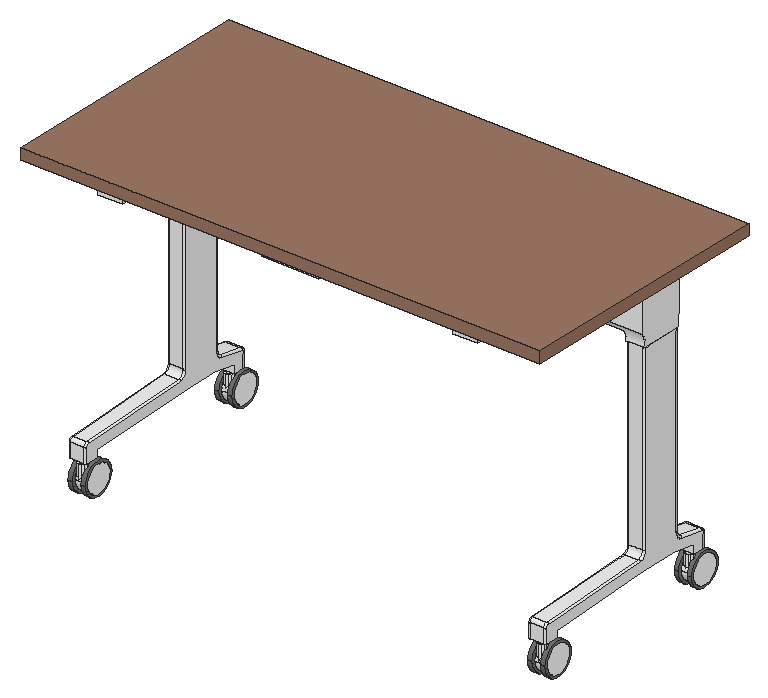
Revit family "NBS_Senator_OffcTbls_Array_Rectangular600mm", category Furniture, Revit 2018
Family settings
  Work Plane-Based = No
  Always vertical = Yes
  Cut with Voids When Loaded = No
  Shared = No
  Room Calculation Point = No
Parameters
  WorksurfaceArea = 0.00 m²
  WheelMaterial = NBS_SenatorGroup_Rubber_Black
  WheelBrakeMaterial = NBS_SenatorGroup_Plastic_Grey
  WarrantyStartDate [instance] = "1900-12-31T23:59:59"
  WarrantyGuarantorParts = "contactus@thesenatorgroup.com"
  WarrantyGuarantorLabor = "n/a"
  WarrantyDurationUnit = "year"
  WarrantyDurationParts = "15"
  WarrantyDurationLabor = "n/a"
  WarrantyDescription = "Senator warrants that its manufactured products are free from manufacturing defects - in materials or workmanship - for a period of ten (10) years on Senator Seating ranges; and fifteen (15) years on Senator Desking ranges - exceptions are listed below. Senator will repair or replace (at Senator’s sole discretion) with comparable free of charge materials / components, any product / component, which fails under normal use in a single shift environment, as a result of a defect in the materials and / or workmanship."
  Version = "1"  # constant formula
  Uniclass2015Version = "Products v1.16"
  Uniclass2015Title = "Office tables"
  Uniclass2015Code = "Pr_40_50_21_60"
  TagNumber [instance] = "n/a"
  TableWidth = 1200 mm
  TableTopThickness = "25 mm"
  TableTopMaterial = NBS_Senator_Wood_Dark_Mocha
  TableTopAngle [instance] = if(ShowNested, 50.00°, 0.00°)  # 0.00°
  TableHeight = 740 mm  # constant formula
  TableDepth = 600 mm  # constant formula
  SustainabilityPerformance = "99% recyclable"
  Style = "Table"
  Status = "UNSET"
  SpecifiableFeatures = "Quadrants, modesty panels, aluminium cable riser"
  Size = "600 x 1200 mm"
  Shape = "n/a"
  SerialNumber [instance] = "n/a"
  Revision = "n/a"
  ReplacementCost = "n/a"
  Reference = "n/a"
  ProductInformation = "http://www.thesenatorgroup.com/uk/senator/"
  OptionalExtras = "Below desk power complete with flip unit, in-surface power unit, flip in-surface power unit"
  NumberOfChairs = 0
  NominalWidth = 1200 mm
  NominalLength = 1200 mm
  NominalHeight = 740 mm
  NominalDepth = 600 mm
  Name = "OfficeTables_Array-Rectangular600mm_ARC1206RC_TheSenatorGroup"
  NBSReference = "45-35-20/340"
  NBSDescription = "Office tables"
  NBSCertification = "www.nationalbimlibrary.com/cert/yyuc5f0r"
  ModelReference = "Array-Rectangular600mm_ARC1206RC"
  ModelNumber = "ARC1206RC"
  Material = "Aluminium, wood"
  ManufacturerURL = "www.senator.co.uk"
  ManufacturerName = "The Senator Group"  # constant formula
  Manufacturer = "sales@senator.co.uk"  # constant formula
  MainColor = "n/a"
  IsFlatDesk [instance] = not(ShowNested)  # yes
  ShowNested [instance] = no
  IsBuiltIn = no
  InternalWheelMatrial = NBS_SenatorGroup_Aluminium_Flat_Silver
  InstallationDate [instance] = "1900-12-31T23:59:59"
  IfcExportType = "TABLE"  # constant formula
  IfcExportAs = "IfcFurnitureType"  # constant formula
  Grade = "n/a"
  FrameMaterial = NBS_SenatorGroup_Aluminium_Rigid_Siver
  Finish = "Highland oak, beech, maple, white, autumn, winter oak, strata oak, mocha, carini walnutm hacienda white, denim, clay, lemon sorbet, light grey"
  Features = "Rigid cast aluminium frame, fully integrated cable management, lockable brake castors, nesting capabilities, gas assisted lift, single hand to unlock, flexible swipe-in cable risers, 25 mm MFC tops"
  ExpectedLife = "15"
  DurationUnit = "year"
  Description = "Rectangle table"
  Constituents = "n/a"
  Color = "Silver, white, black"
  CodePerformance = "BS EN 15372, BS EN 6396"
  Category = "Pr_40_50_21_60:Office tables"
  BarCode [instance] = "n/a"
  BIMObjectName = "NBS_The Senator Group_OfficeTables_Array-Rectangular600mm_ARC1206RC"
  Author = "NBS"  # constant formula
  AssetType = "Fixed"
  AssetIdentifier [instance] = "n/a"
  Application = "Office and educational settings"
  AccessibilityPerformance = "n/a"
Types (6, lengths in mm): name | WheelMaterial | WheelBrakeMaterial | WarrantyGuarantorParts | WarrantyDurationParts | WarrantyDescription | TableWidth | TableTopThickness | SustainabilityPerformance | Size | NominalWidth | NominalLength | NominalHeight | Name | ModelReference | ModelNumber | InternalWheelMatrial | FrameMaterial | ExpectedLife | BIMObjectName
  (no name) | NBS_SenatorGroup_Rubber_Black | NBS_SenatorGroup_Plastic_Grey | "contactus@thesenatorgroup.com" | "15" | "Senator warrants that its manufactured products are free from manufacturing defects - in materials or workmanship - for a period of ten (10) years on Senator Seating ranges; and fifteen (15) years on Senator Desking ranges - exceptions are listed below. Senator will repair or replace (at Senator’s sole discretion) with comparable free of charge materials / components, any product / component, which fails under normal use in a single shift environment, as a result of a defect in the materials and / or workmanship." | 1200 | "25 mm" | "99% recyclable" | "600 x 1200 mm" | 1200 | 1200 | 740 | "OfficeTables_Array-Rectangular600mm_ARC1206RC_TheSenatorGroup" | "Array-Rectangular600mm_ARC1206RC" | "ARC1206RC" | NBS_SenatorGroup_Aluminium_Flat_Silver | NBS_SenatorGroup_Aluminium_Rigid_Siver | "15" | "NBS_The Senator Group_OfficeTables_Array-Rectangular600mm_ARC1206RC"
  Array-Rectangular600mm_ARC1206RC | NBS_SenatorGroup_Rubber_Black | NBS_SenatorGroup_Plastic_Grey | "contactus@thesenatorgroup.com" | "15" | "Senator warrants that its manufactured products are free from manufacturing defects - in materials or workmanship - for a period of ten (10) years on Senator Seating ranges; and fifteen (15) years on Senator Desking ranges - exceptions are listed below. Senator will repair or replace (at Senator’s sole discretion) with comparable free of charge materials / components, any product / component, which fails under normal use in a single shift environment, as a result of a defect in the materials and / or workmanship." | 1200 | "25 mm" | "99% recyclable" | "600 x 1200 mm" | 1200 | 1200 | 740 | "OfficeTables_Array-Rectangular600mm_ARC1206RC_TheSenatorGroup" | "Array-Rectangular600mm_ARC1206RC" | "ARC1206RC" | NBS_SenatorGroup_Aluminium_Flat_Silver | NBS_SenatorGroup_Aluminium_Rigid_Siver | "15" | "NBS_The Senator Group_OfficeTables_Array-Rectangular600mm_ARC1206RC"
  Array-Rectangular600mm_ARC1406RC | NBS_Senator_Rubber_Black | NBS_Senator_Plastic_Grey | "contactus@thesenatorgroup.com" | "15" | "Senator warrants that its manufactured products are free from manufacturing defects - in materials or workmanship - for a period of ten (10) years on Senator Seating ranges; and fifteen (15) years on Senator Desking ranges - exceptions are listed below. Senator will repair or replace (at Senator’s sole discretion) with comparable free of charge materials / components, any product / component, which fails under normal use in a single shift environment, as a result of a defect in the materials and / or workmanship." | 1400 | "25 mm" | "99% recyclable" | "600 x 1400 mm" | 1400 | 1400 | 740 | "OfficeTables_Array-Rectangular600mm_ARC1406RC_TheSenatorGroup" | "Array-Rectangular600mm_ARC1406RC" | "ARC1406RC" | NBS_Senator_Aluminium_Flat_Silver | NBS_Senator_Aluminium_Rigid_Siver | "15" | "NBS_The Senator Group_OfficeTables_Array-Rectangular600mm_ARC1406RC"
  Array-Rectangular600mm_ARC1506RC | NBS_Senator_Rubber_Black | NBS_Senator_Plastic_Grey | "contactus@thesenatorgroup.com" | "15" | "Senator warrants that its manufactured products are free from manufacturing defects - in materials or workmanship - for a period of ten (10) years on Senator Seating ranges; and fifteen (15) years on Senator Desking ranges - exceptions are listed below. Senator will repair or replace (at Senator’s sole discretion) with comparable free of charge materials / components, any product / component\r\nwhich fails under normal use in a single shift environment, as a result of a defect in the materials and / or workmanship." | 1500 | "25 mm" | "99% recyclable" | "600 x 1500 mm" | 1500 | 1500 | 740 | "OfficeTables_Array-Rectangular600mm_ARC1506RC_TheSenatorGroup" | "Array-Rectangular600mm_ARC1506RC" | "ARC1506RC" | NBS_Senator_Aluminium_Flat_Silver | NBS_Senator_Aluminium_Rigid_Siver | "15" | "NBS_The Senator Group_OfficeTables_Array-Rectangular600mm_ARC1506RC"
  Array-Rectangular600mm_ARC1606RC | NBS_Senator_Rubber_Black | NBS_Senator_Plastic_Grey | "n/a" | "n/a" | "n/a" | 1600 | "2 mm" | "n/a" | "600 x 1600 mm" | 1600 | 0 | 0 | "OfficeTables_Array-Rectangular600mm_ARC1606RC_TheSenatorGroup" | "Array-Rectangular600mm_ARC1606RC" | "ARC1606RC" | NBS_Senator_Aluminium_Flat_Silver | NBS_Senator_Aluminium_Rigid_Siver | "" | "NBS_The Senator Group_OfficeTables_Array-Rectangular600mm_ARC1606RC"
  Array-Rectangular600mm_ARC1806RC | NBS_Senator_Rubber_Black | NBS_Senator_Plastic_Grey | "n/a" | "n/a" | "n/a" | 1800 | "2 mm" | "n/a" | "600 x 1800 mm" | 1800 | 0 | 0 | "OfficeTables_Array-Rectangular600mm_ARC1806RC_TheSenatorGroup" | "Array-Rectangular600mm_ARC1806RC" | "ARC1806RC" | NBS_Senator_Aluminium_Flat_Silver | NBS_Senator_Aluminium_Rigid_Siver | "n/a" | "NBS_TheSenatorGroup_OfficeTables_Array-Rectangular600mm_ARC1806RC"
Reference planes
  plane 1 "Center (Front/Back)": y = 0
  plane 2: z = 0
  plane 3 "Center (Left/Right)": x = 0
  plane 4 "Left": x = -600
  plane 5 "Right": x = 600
  plane 6 "Back": y = 300
  plane 7 "Front": y = -300
  plane 8 "Top": z = 740
  plane 9 "TableThickness": z = 715.312
  plane 10: x = -508.539
  plane 11: x = 508.539
  plane 12: y = 56
  plane 13: y = 156
  plane 14: z = 690.313
  plane 15: z = 685.251
  plane 16: z = 591.471
  plane 17: y = 162.623
  plane 18: y = 57.377
  plane 19: x = -22.83
  plane 20: x = 22.83
  plane 21: x = 20.411
  plane 22: x = -20.83
  plane 23: x = -550.539
  plane 24: x = 550.539
  plane 25: z = 151.971
  plane 26: z = 571.471
  plane 27: x = -380.039
  plane 28: x = 380.039
  plane 29: y = 222.623
Forms (mm)
  Extrusion 1, solid, material "NBS_SenatorGroup_Aluminium_Rigid_Siver" <- "FrameMaterial"
    sketch origin (0, 0, 0) x (0, 1, 0) y (0, 0, 1)
      loop
        line (57.377, 685.251) -> (57.377, 599.471)
        arc (57.377, 599.471) -> (59.309, 595.591) -> (60.651, 591.471) r 29.446
        line (60.651, 591.471) -> (158.995, 591.471)
        arc (158.995, 591.471) -> (160.428, 595.643) -> (162.623, 599.471) r 23.282
        line (162.623, 599.471) -> (162.623, 685.251) -> (57.377, 685.251)
    from -380.039 to 380.039
  Extrusion 2, solid, material "NBS_SenatorGroup_Aluminium_Rigid_Siver" <- "FrameMaterial"
    sketch origin (0, 0, 0) x (1, 0, 0) y (0, 0, 1)
      loop
        line (380.039, 685.251) -> (380.039, 591.471) -> (499.113, 591.471)
        arc (499.113, 591.471) -> (505.778, 588.71) -> (508.539, 582.045) r 9.426
        line (508.539, 582.045) -> (508.539, 571.471) -> (550.539, 571.471) -> (550.539, 715.312) -> (443.179, 715.312)
        arc (443.179, 715.312) -> (439.415, 697.901) -> (426.874, 685.251) r 31.78
        line (426.874, 685.251) -> (380.039, 685.251)
      loop
        line (-380.039, 685.251) -> (-426.874, 685.251)
        arc (-426.874, 685.251) -> (-439.415, 697.901) -> (-443.179, 715.312) r 31.78
        line (-443.179, 715.312) -> (-550.539, 715.312) -> (-550.539, 571.471) -> (-508.539, 571.471) -> (-508.539, 582.045)
        arc (-508.539, 582.045) -> (-505.778, 588.71) -> (-499.113, 591.471) r 9.426
        line (-499.113, 591.471) -> (-380.039, 591.471) -> (-380.039, 685.251)
    from -162.623 to -57.377
  Extrusion 3, void
    sketch origin (0, 0, 0) x (0, 1, 0) y (0, 0, 1)
      loop
        arc (163.326, 600.773) -> (158.21, 586.246) -> (158.326, 570.846) r 44.718
        line (158.326, 570.846) -> (163.326, 570.846) -> (163.326, 600.773)
      loop
        line (56.861, 600.492) -> (56.861, 570.846) -> (61.705, 570.846)
        arc (61.705, 570.846) -> (61.847, 586.088) -> (56.861, 600.492) r 44.718
    from -550.539 to 551.73
Cuts and joins
  Extrusion 3 cuts Extrusion 2
Lines and regions (mm)
  reference lines
    curve 1: line (0, 222.623, 715.312) -> (0, 92.623, 715.312)
Dimensions and locks
  equal spacing: plane 4 "Left", plane 3 "Center (Left/Right)", plane 5 "Right"
  "TableWidth": plane 4 "Left" to plane 5 "Right"
  equal spacing: plane 6 "Back", plane 1 "Center (Front/Back)", plane 7 "Front"
  "TableDepth": plane 6 "Back" to plane 7 "Front"
  "TableHeight": plane 8 "Top" to level
  plane 8 "Top" to plane 9 "TableThickness" = 24.687 mm
  plane 4 "Left" to plane 10 = 91.461 mm  (x2)
  plane 11 to plane 5 "Right" = 91.461 mm  (x2)
  plane 12 to plane 7 "Front" = 356 mm
  plane 13 to plane 12 = 100 mm
  locked: plane 9 "TableThickness" to plane 14 at 25
  plane 16 to plane 15 to plane 9 "TableThickness" = 93.78 mm locked, 30.062 mm locked
  plane 6 "Back" to plane 17 to plane 18 = 137.377 mm locked, 105.246 mm locked
  equal spacing: plane 20, plane 3 "Center (Left/Right)", plane 19, locked at 22.83 each
  locked: plane 20 to plane 21 at 2.419
  locked: plane 22 to plane 19 at 2
  locked: plane 23 to plane 10 at 42
  locked: plane 11 to plane 24 at 42
  plane 8 "Top" to plane 15 to plane 16 to plane 25 = 54.749 mm, 93.78 mm, 439.5 mm
  plane 4 "Left" to plane 27 = 219.961 mm
  plane 28 to plane 5 "Right" = 219.961 mm
  locked: plane 6 "Back" to plane 29 at 77.377
  "TableTopAngle": angle plane 9 "TableThickness" to curve 1
  aligned and locked: level to plane 2
  aligned and locked: plane 15 to Extrusion 1 sketch curve
  aligned and locked: plane 18 to Extrusion 1 sketch curve
  aligned and locked: Extrusion 1 sketch curve to plane 17
  aligned and locked: Extrusion 1 sketch curve to plane 16
  aligned and locked: Extrusion 2 sketch curve to plane 16
  aligned and locked: plane 15 to Extrusion 2 sketch curve
  aligned and locked: Extrusion 2 sketch curve to plane 9 "TableThickness"
  aligned and locked: plane 24 to Extrusion 2 sketch curve
  aligned and locked: Extrusion 2 sketch curve to plane 11
  aligned and locked: plane 23 to Extrusion 2 sketch curve
  aligned and locked: plane 16 to Extrusion 2 sketch curve
  aligned and locked: Extrusion 2 sketch curve to plane 15
  aligned and locked: plane 9 "TableThickness" to Extrusion 2 sketch curve
  aligned and locked: plane 17 to Extrusion 2
  aligned and locked: Extrusion 2 to plane 18
  aligned and locked: Extrusion 3 to Extrusion 2
  aligned and locked: plane 24 to nested 2
  aligned and locked: nested 1 to plane 26
  aligned and locked: nested 2 to plane 26
  aligned and locked: plane 23 to nested 1
  aligned and locked: plane 9 "TableThickness" to curve 1
  aligned and locked: plane 27 to cut or joined group of Extrusion 2, Extrusion 3
  aligned and locked: plane 28 to cut or joined group of Extrusion 2, Extrusion 3
  aligned and locked: Extrusion 1 to plane 27
  aligned and locked: plane 28 to Extrusion 1
  aligned and locked: plane 29 to curve 1
Automatic sketch dimensions
  plane 12 to Extrusion 1 sketch curve = 4.651 mm
  plane 13 to Extrusion 1 sketch curve = 2.995 mm
  plane 16 to Extrusion 1 sketch curve = 5.444 mm
  plane 17 to Extrusion 1 sketch curve = 19.008 mm
  plane 16 to Extrusion 1 sketch curve = 7.033 mm
  Extrusion 2 sketch curve to plane 10 = 0 mm
  Extrusion 2 sketch curve to plane 26 = 0 mm  (x2)
  plane 10 to Extrusion 2 sketch curve = 9.426 mm
  plane 9 "TableThickness" to Extrusion 2 sketch curve = 2.259 mm  (x2)
  Extrusion 2 sketch curve to Extrusion 2 sketch curve = 9.426 mm
  Extrusion 3 sketch curve to plane 18 = 0.516 mm
  plane 26 to Extrusion 3 sketch curve = 0.625 mm  (x2)
  Extrusion 3 sketch curve to Extrusion 3 sketch curve = 4.844 mm
  plane 13 to Extrusion 3 sketch curve = 2.326 mm
  plane 17 to Extrusion 3 sketch curve = 0.703 mm
  Extrusion 3 sketch curve to plane 26 = 7.407 mm
  plane 17 to Extrusion 3 sketch curve = 39.694 mm
  plane 16 to Extrusion 3 sketch curve = 12.593 mm
  Extrusion 3 sketch curve to plane 1 "Center (Front/Back)" = 17.714 mm
  Extrusion 1 sketch curve to plane 12 = 23.942 mm
  Extrusion 2 sketch curve to Extrusion 2 sketch curve = 119.074 mm
  Extrusion 2 sketch curve to Extrusion 2 sketch curve = 31.441 mm
  Extrusion 2 sketch curve to Extrusion 2 sketch curve = 15.394 mm
  plane 10 to Extrusion 2 sketch curve = 65.359 mm
  Extrusion 2 sketch curve to Extrusion 2 sketch curve = 16.306 mm
  Extrusion 2 sketch curve to Extrusion 2 sketch curve = 46.835 mm
Nested families
  nested 1: "NBS_Senator_Footing_600mm" at (-530.789, 15.13, -0.3), type "NBS_Senator_Footing_600mm"
  nested 2: "NBS_Senator_Footing_600mm" at (530.476, 14.477, -0.3), type "NBS_Senator_Footing_600mm"
  nested 3: "NBS_Senator_RectangularTableTop" at (0, 0, 715.312), type "NBS_SenatorGroup_RectangularTableTop"
  nested 4: "NBS_Senator_TableAttachement1" at (0, 0, 0), visible <- "ShowNested", type "NBS_Senator_TableAttachement"
Definition of nested family "NBS_Senator_Footing_600mm"
  Parameters (values of type "NBS_Senator_Footing_600mm")
    WheelMaterial = none
    WheelBrakeMaterial = none
    IntWheelMaterial = none
    FrameMaterial = none
    FootingDepth = 600 mm  # constant formula
  Reference planes
    plane 1 "Center (Front/Back)": y = 0
    plane 2: z = 0
    plane 3 "Center (Left/Right)": x = 0
    plane 4 "Left": x = -19.75
    plane 5 "Right": x = 20.062
    plane 6 "Back": y = 300
    plane 7 "Front": y = -300
    plane 8: y = 260
    plane 9: y = -260
    plane 10 "WheeelTop": z = 74.691
    plane 11: z = 83.106
    plane 12: z = 152.106
    plane 13: x = -8.807
    plane 14: x = 10.057
    plane 15: x = -20.314
    plane 16: x = 20.662
    plane 17: x = -7.836
    plane 18: x = 8.164
    plane 19: y = -221.625
    plane 20: y = 202.138
    plane 21: z = 37.615
    plane 22: x = -4.577
    plane 23: x = 4.577
    plane 24: x = 16.836
    plane 25: x = -16.836
    plane 26 "Center L/S": x = -23
    plane 27 "Center L/T": x = 23
  Forms (mm)
    Extrusion 1, solid, material <- "WheelMaterial", detail levels medium+fine
      sketch origin (0, 0, 0) x (0, 1, 0) y (0, 0, 1)
        loop
          circle (-201.425, 37.5) r 37.265
        loop
          circle (221.616, 37.5) r 37.191
      from -19.75 to -9.836
    Extrusion 2, solid, material <- "WheelMaterial", detail levels medium+fine
      sketch origin (48.16, 0, 0) x (0, 1, 0) y (0, 0, 1)
        loop
          circle (-201.425, 37.5) r 37.265
        loop
          circle (221.616, 37.5) r 37.191
      from -38.103 to -28.097
    Extrusion 3, solid, material <- "IntWheelMaterial", detail levels fine
      sketch origin (0, 0, 0) x (0, 1, 0) y (0, 0, 1)
        loop
          circle (-201.425, 37.5) r 31.318
        loop
          circle (221.616, 37.5) r 31.491
      from -20.314 to -19.75
    Extrusion 4, solid, material <- "IntWheelMaterial", detail levels fine
      sketch origin (47.799, 0, 0) x (0, 1, 0) y (0, 0, 1)
        loop
          circle (-201.425, 37.5) r 31.318
        loop
          circle (221.616, 37.5) r 31.491
      from -27.736 to -27.136
    Extrusion 5, solid, material <- "IntWheelMaterial", detail levels medium+fine
      sketch origin (18.344, 0, 0.469) x (0, 1, 0) y (0, 0, 1)
        loop
          circle (-201.425, 37.5) r 31.318
        loop
          circle (221.616, 37.5) r 31.491
      from -26.179 to -10.18
    Extrusion 6, solid, material <- "FrameMaterial"
      sketch origin (0, 0, 0) x (1, 0, 0) y (0, 1, 0)
        loop
          line (0, -213.884) -> (-7.007, -218.335) -> (-7.007, -224.915) -> (0, -229.366) -> (7.007, -224.915) -> (7.007, -218.335) -> (0, -213.884)
        loop
          line (-0.937, 209.838) -> (-7.944, 205.388) -> (-7.944, 198.807) -> (-0.937, 194.356) -> (7.007, 198.807) -> (7.007, 205.388) -> (-0.937, 209.838)
      from 74.691 to 83.106
    Extrusion 7, solid, material <- "IntWheelMaterial", detail levels medium+fine
      sketch origin (0, 0, 0) x (1, 0, 0) y (0, 1, 0)
        loop
          line (0, -210.625) -> (-5.829, -212.296) -> (-8.079, -215.796) -> (-9.75, -221.625) -> (-8.079, -227.454) -> (-5.829, -230.954) -> (0, -232.625) -> (5.829, -230.954) -> (9.329, -227.454) -> (11, -221.625) -> (9.329, -215.796) -> (5.829, -212.296) -> (0, -210.625)
        loop
          line (0, 213.138) -> (-5.829, 211.467) -> (-8.079, 207.968) -> (-9.75, 202.138) -> (-8.079, 196.309) -> (-5.829, 192.81) -> (0, 191.138) -> (5.829, 192.81) -> (9.329, 196.309) -> (11, 202.138) -> (9.329, 207.968) -> (5.829, 211.467) -> (0, 213.138)
      from 37.615 to 74.691
    Extrusion 8, solid, material <- "FrameMaterial", detail levels coarse
      sketch origin (0, 0, 0) x (0, 1, 0) y (0, 0, 1)
        loop
          line (143.333, 571.771) -> (46.899, 571.771) -> (46.899, 153.032)
          arc (46.899, 153.032) -> (44.279, 142.661) -> (34.898, 137.52) r 13.389
          line (34.898, 137.52) -> (-229.767, 124.194)
          arc (-229.767, 124.194) -> (-235.459, 121.836) -> (-237.816, 116.145) r 8.05
          line (-237.816, 116.145) -> (-237.816, 83.109) -> (-206.929, 83.109) -> (-206.929, 98.956) -> (45.313, 111.656) -> (133.402, 111.656) -> (186.626, 103.142)
          arc (186.626, 103.142) -> (188.474, 102.271) -> (189.593, 100.562) r 3.76
          line (189.593, 100.562) -> (189.593, 83.106) -> (220.369, 83.106) -> (220.369, 117.398)
          arc (220.369, 117.398) -> (217.992, 123.137) -> (212.253, 125.514) r 8.116
          line (212.253, 125.514) -> (153.311, 136.398)
          arc (153.311, 136.398) -> (146.036, 142.864) -> (143.333, 152.214) r 17.524
          line (143.333, 152.214) -> (143.333, 571.771)
      from -21 to 21
    Extrusion 9, solid, material <- "FrameMaterial", detail levels medium+fine
      sketch origin (0, 0, 0) x (0, 1, 0) y (0, 0, 1)
        loop
          line (-239.77, 83.109) -> (-206.929, 83.109) -> (-206.929, 98.956) -> (45.313, 111.656) -> (133.402, 111.656) -> (186.626, 103.142)
          arc (186.626, 103.142) -> (188.474, 102.271) -> (189.593, 100.562) r 3.76
          line (189.593, 100.562) -> (189.593, 83.106) -> (220.369, 83.106) -> (220.369, 117.398)
          arc (220.369, 117.398) -> (217.992, 123.137) -> (212.253, 125.514) r 8.116
          line (212.253, 125.514) -> (153.311, 136.398)
          arc (153.311, 136.398) -> (146.036, 142.864) -> (143.333, 152.214) r 17.524
          line (143.333, 152.214) -> (143.333, 571.771) -> (44.899, 571.771) -> (44.899, 152.862)
          arc (44.899, 152.862) -> (41.625, 144.021) -> (33.382, 139.446) r 13.573
          line (33.382, 139.446) -> (-229.819, 126.372)
          arc (-229.819, 126.372) -> (-236.856, 123.457) -> (-239.77, 116.421) r 9.951
          line (-239.77, 116.421) -> (-239.77, 83.109)
      from -23 to 23
    Sweep 10, void
      path in 3D
        loop
          line (-21, -237.816, 83.109) -> (-21, -237.816, 116.145)
          arc (-21, -237.816, 116.145) -> (-21, -235.459, 121.836) -> (-21, -229.767, 124.194) r 8.05
          line (-21, -229.767, 124.194) -> (-21, 34.898, 137.52)
          arc (-21, 34.898, 137.52) -> (-21, 44.279, 142.661) -> (-21, 46.899, 153.032) r 13.389
          line (-21, 46.899, 153.032) -> (-21, 46.899, 571.771)
      profile origin (-21, 46.899, 362.401) x (0, 1, 0) y (-1, 0, 0)
        loop
          line (5.403, -0.897) -> (5.403, 5) -> (-10, 5) -> (-10, -38.02) -> (-10, -49.028) -> (5.061, -49.028) -> (5.061, -42.453)
          arc (5.061, -42.453) -> (1.514, -40.984) -> (0.045, -37.437) r 5.016
          line (0.045, -37.437) -> (0.045, -6.256)
          arc (0.045, -6.256) -> (1.614, -2.467) -> (5.403, -0.897) r 5.358
    Sweep 11, void
      path in 3D
        loop
          line (21, 220.369, 83.106) -> (21, 220.369, 117.398)
          arc (21, 220.369, 117.398) -> (21, 217.992, 123.137) -> (21, 212.253, 125.514) r 8.116
          line (21, 212.253, 125.514) -> (21, 153.311, 136.398)
          arc (21, 153.311, 136.398) -> (21, 146.036, 142.864) -> (21, 143.333, 152.214) r 17.524
          line (21, 143.333, 152.214) -> (21, 143.333, 571.771)
      profile origin (21, 143.333, 361.992) x (0, -1, 0) y (1, 0, 0)
        loop
          line (5, 0) -> (5, 2.292) -> (-3.545, 2.292) -> (-3.545, -5) -> (0, -5)
          arc (0, -5) -> (1.464, -1.464) -> (5, 0) r 5
    Sweep 12, void
      path in 3D
        loop
          line (-21, 143.333, 571.771) -> (-21, 143.333, 152.214)
          arc (-21, 143.333, 152.214) -> (-21, 146.036, 142.864) -> (-21, 153.311, 136.398) r 17.524
          line (-21, 153.311, 136.398) -> (-21, 212.253, 125.514)
          arc (-21, 212.253, 125.514) -> (-21, 217.992, 123.137) -> (-21, 220.369, 117.398) r 8.116
          line (-21, 220.369, 117.398) -> (-21, 220.369, 83.106)
      profile origin (-21, 143.333, 361.992) x (-1, 0, 0) y (0, -1, 0)
        loop
          arc (0, 5) -> (-1.464, 1.464) -> (-5, 0) r 5
          line (-5, 0) -> (-5, -3.611) -> (3.101, -3.611) -> (3.101, 5) -> (0, 5)
    Extrusion 13, void
      sketch origin (0, 0, 0) x (0, 1, 0) y (0, 0, 1)
        loop
          line (141.333, 574.416) -> (48.899, 574.416) -> (48.899, 153.191)
          arc (48.899, 153.191) -> (45.796, 141.354) -> (35.037, 135.524) r 15.389
          line (35.037, 135.524) -> (-229.72, 122.194)
          arc (-229.72, 122.194) -> (-234.028, 120.439) -> (-235.816, 116.145) r 6.05
          line (-235.816, 116.145) -> (-235.816, 83.109) -> (218.369, 83.109) -> (218.369, 117.398)
          arc (218.369, 117.398) -> (216.517, 121.782) -> (212.083, 123.511) r 6.116
          line (212.083, 123.511) -> (152.696, 134.478)
          arc (152.696, 134.478) -> (144.417, 141.682) -> (141.333, 152.214) r 19.524
          line (141.333, 152.214) -> (141.333, 574.416)
      from 21 to 30.964
    Extrusion 14, void
      sketch origin (0, 0, 0) x (0, 1, 0) y (0, 0, 1)
        loop
          arc (49.876, 153.264) -> (46.535, 140.714) -> (35.104, 134.549) r 16.366
          line (35.104, 134.549) -> (-229.7, 121.217)
          arc (-229.7, 121.217) -> (-233.33, 119.755) -> (-234.839, 116.145) r 5.072
          line (-234.839, 116.145) -> (-234.839, 83.109) -> (218.369, 83.109) -> (218.369, 117.398)
          arc (218.369, 117.398) -> (216.517, 121.782) -> (212.083, 123.511) r 6.116
          line (212.083, 123.511) -> (152.696, 134.478)
          arc (152.696, 134.478) -> (144.417, 141.682) -> (141.333, 152.214) r 19.524
          line (141.333, 152.214) -> (141.333, 573.037) -> (49.876, 573.037) -> (49.876, 153.264)
      from -20.69 to -26.23
    Extrusion 15, solid, material <- "WheelMaterial", detail levels coarse
      sketch origin (0, 0, 0) x (0, 1, 0) y (0, 0, 1)
        loop
          circle (-201.425, 37.615) r 37.585
        loop
          circle (221.616, 37.615) r 37.628
      from -20.314 to 20.662
  Cuts and joins
    joined: Extrusion 5, Extrusion 7
    Sweep 10, Sweep 11, Sweep 12, Extrusion 13, Extrusion 14 cuts Extrusion 9
  Lines and regions (mm)
    sketch lines
      curve 1: line (-21, 46.899, 153.032) -> (-21, 46.899, 571.771)
      curve 2: arc (-21, 46.899, 153.032) -> (-21, 44.279, 142.661) -> (-21, 34.898, 137.52) r 13.389
      curve 3: line (-21, -229.767, 124.194) -> (-21, 34.898, 137.52)
      curve 4: arc (-21, -229.767, 124.194) -> (-21, -235.459, 121.836) -> (-21, -237.816, 116.145) r 8.05
      curve 5: line (-21, -237.816, 83.109) -> (-21, -237.816, 116.145)
      curve 6: line (21, 143.333, 152.214) -> (21, 143.333, 571.771)
      curve 7: arc (21, 143.333, 152.214) -> (21, 146.036, 142.864) -> (21, 153.311, 136.398) r 17.524
      curve 8: line (21, 212.253, 125.514) -> (21, 153.311, 136.398)
      curve 9: arc (21, 212.253, 125.514) -> (21, 217.992, 123.137) -> (21, 220.369, 117.398) r 8.116
      curve 10: line (21, 220.369, 83.106) -> (21, 220.369, 117.398)
      curve 11: line (-21, 143.333, 571.771) -> (-21, 143.333, 152.214)
      curve 12: arc (-21, 153.311, 136.398) -> (-21, 146.036, 142.864) -> (-21, 143.333, 152.214) r 17.524
      curve 13: line (-21, 153.311, 136.398) -> (-21, 212.253, 125.514)
      curve 14: arc (-21, 220.369, 117.398) -> (-21, 217.992, 123.137) -> (-21, 212.253, 125.514) r 8.116
      curve 15: line (-21, 220.369, 117.398) -> (-21, 220.369, 83.106)
  Dimensions and locks
    equal spacing: plane 6 "Back", plane 1 "Center (Front/Back)", plane 7 "Front"
    "FootingDepth": plane 6 "Back" to plane 7 "Front"
    locked: plane 8 to plane 6 "Back" at 40
    locked: plane 9 to plane 7 "Front" at 40
    plane 10 "WheeelTop" to level = 74.691 mm
    plane 12 to plane 11 to plane 10 "WheeelTop" to level = 69 mm, 8.414 mm, 74.691 mm
    locked: plane 13 to plane 4 "Left" at 10.943
    plane 14 to plane 5 "Right" = 10.006 mm
    locked: plane 4 "Left" to plane 15 at 0.564
    locked: plane 16 to plane 5 "Right" at 0.6
    plane 19 to plane 9 = 38.375 mm
    plane 8 to plane 20 = 57.862 mm
    equal spacing: plane 23, plane 3 "Center (Left/Right)", plane 22, locked at 4.577 each
    equal spacing: plane 24, plane 3 "Center (Left/Right)", plane 25, locked at 16.836 each
    plane 4 "Left" to plane 26 "Center L/S" = 3.25 mm
    plane 27 "Center L/T" to plane 5 "Right" = 2.938 mm
    aligned and locked: level to plane 2
    aligned and locked: Extrusion 1 to plane 4 "Left"
    aligned and locked: plane 14 to Extrusion 2
    aligned and locked: plane 5 "Right" to Extrusion 2
    aligned and locked: plane 4 "Left" to Extrusion 3
    aligned and locked: Extrusion 3 to plane 15
    aligned and locked: Extrusion 4 to plane 5 "Right"
    aligned and locked: Extrusion 4 to plane 16
    aligned and locked: plane 18 to Extrusion 5
    aligned and locked: plane 17 to Extrusion 5
    aligned and locked: Extrusion 6 to plane 11
    aligned and locked: Extrusion 6 to plane 10 "WheeelTop"
    aligned and locked: plane 21 to Extrusion 7
    aligned and locked: plane 10 "WheeelTop" to Extrusion 7
    aligned and locked: Extrusion 8 sketch curve to plane 11
    aligned and locked: Extrusion 9 to plane 26 "Center L/S"
    aligned and locked: plane 27 "Center L/T" to Extrusion 9
    aligned and locked: Extrusion 15 to Extrusion 3
    aligned and locked: Extrusion 15 to plane 16
  Automatic sketch dimensions
    plane 9 to Extrusion 1 sketch curve = 58.575 mm
    plane 8 to Extrusion 1 sketch curve = 38.384 mm
    Extrusion 1 sketch curve to plane 10 "WheeelTop" = 37.191 mm  (x2)
    plane 9 to Extrusion 2 sketch curve = 58.575 mm
    plane 8 to Extrusion 2 sketch curve = 38.384 mm
    Extrusion 2 sketch curve to plane 10 "WheeelTop" = 37.191 mm  (x2)
    plane 9 to Extrusion 3 sketch curve = 58.575 mm
    plane 8 to Extrusion 3 sketch curve = 38.384 mm
    Extrusion 3 sketch curve to plane 10 "WheeelTop" = 37.191 mm  (x2)
    plane 9 to Extrusion 4 sketch curve = 58.575 mm
    plane 8 to Extrusion 4 sketch curve = 38.384 mm
    Extrusion 4 sketch curve to plane 10 "WheeelTop" = 37.191 mm  (x2)
    plane 9 to Extrusion 5 sketch curve = 58.575 mm
    plane 8 to Extrusion 5 sketch curve = 38.384 mm
    Extrusion 5 sketch curve to plane 10 "WheeelTop" = 36.723 mm  (x2)
    Extrusion 6 sketch curve to plane 3 "Center (Left/Right)" = 0 mm  (x2)
    plane 17 to Extrusion 6 sketch curve = 0.829 mm
    plane 20 to Extrusion 6 sketch curve = 3.249 mm  (x2)
    Extrusion 6 sketch curve to plane 16 = 28.607 mm
    Extrusion 6 sketch curve to Extrusion 6 sketch curve = 7.007 mm  (x2)
    plane 20 to Extrusion 6 sketch curve = 7.7 mm
    Extrusion 6 sketch curve to Extrusion 6 sketch curve = 6.581 mm
    plane 19 to Extrusion 6 sketch curve = 3.29 mm  (x2)
    Extrusion 6 sketch curve to plane 19 = 3.29 mm  (x2)
    Extrusion 6 sketch curve to plane 19 = 7.741 mm
    Extrusion 6 sketch curve to plane 18 = 1.157 mm  (x2)
    plane 19 to Extrusion 6 sketch curve = 7.741 mm
    Extrusion 6 sketch curve to plane 20 = 7.782 mm
    Extrusion 6 sketch curve to plane 20 = 3.332 mm
    Extrusion 7 sketch curve to plane 19 = 0 mm  (x2)
    Extrusion 7 sketch curve to plane 20 = 0 mm  (x2)
    Extrusion 7 sketch curve to plane 3 "Center (Left/Right)" = 0 mm  (x4)
    plane 17 to Extrusion 7 sketch curve = 2.007 mm  (x4)
    plane 13 to Extrusion 7 sketch curve = 0.728 mm  (x4)
    Extrusion 7 sketch curve to plane 13 = 0.943 mm  (x2)
    Extrusion 7 sketch curve to plane 18 = 2.335 mm  (x4)
    plane 14 to Extrusion 7 sketch curve = 0.728 mm  (x4)
    Extrusion 7 sketch curve to plane 14 = 0.943 mm  (x2)
    Extrusion 7 sketch curve to plane 19 = 5.829 mm  (x2)
    Extrusion 7 sketch curve to Extrusion 7 sketch curve = 3.499 mm  (x8)
    Extrusion 7 sketch curve to Extrusion 7 sketch curve = 1.671 mm  (x5)
    plane 19 to Extrusion 7 sketch curve = 5.829 mm  (x2)
    Extrusion 7 sketch curve to plane 20 = 11 mm
    plane 20 to Extrusion 7 sketch curve = 5.829 mm  (x2)
    Sweep 11 sketch curve to profile plane = 0 mm  (x2)
    profile plane to Sweep 11 sketch curve = 3.545 mm
    Sweep 11 sketch curve to profile plane = 5 mm
    profile plane to Sweep 11 sketch curve = 2.292 mm
    Sweep 12 sketch curve to profile plane = 0 mm  (x2)
    Sweep 12 sketch curve to profile plane = 5 mm
    profile plane to Sweep 12 sketch curve = 3.101 mm
    profile plane to Sweep 12 sketch curve = 3.611 mm
    profile plane to Sweep 10 sketch curve = 10 mm
    Sweep 10 sketch curve to profile plane = 0.045 mm
    Sweep 10 sketch curve to Sweep 10 sketch curve = 5.016 mm
    Sweep 10 sketch curve to profile plane = 5.403 mm
    Sweep 10 sketch curve to profile plane = 42.453 mm
    Sweep 10 sketch curve to Sweep 10 sketch curve = 0.583 mm
    Sweep 10 sketch curve to profile plane = 6.256 mm
    profile plane to Sweep 10 sketch curve = 5 mm
    Sweep 10 sketch curve to Sweep 10 sketch curve = 11.008 mm
    Sweep 10 sketch curve to Sweep 10 sketch curve = 0 mm
    Extrusion 13 sketch curve to plane 20 = 60.806 mm
    plane 12 to Extrusion 13 sketch curve = 17.628 mm
    Extrusion 13 sketch curve to Extrusion 13 sketch curve = 11.363 mm
    Extrusion 13 sketch curve to plane 12 = 0.109 mm
    plane 20 to Extrusion 13 sketch curve = 9.945 mm
    Extrusion 13 sketch curve to Extrusion 13 sketch curve = 0.17 mm
    Extrusion 13 sketch curve to Extrusion 13 sketch curve = 6.116 mm
    Extrusion 13 sketch curve to Extrusion 13 sketch curve = 34.289 mm
    Extrusion 13 sketch curve to plane 11 = 0.004 mm
    Extrusion 13 sketch curve to Extrusion 13 sketch curve = 33.035 mm
    Extrusion 13 sketch curve to Extrusion 13 sketch curve = 6.05 mm
    Extrusion 13 sketch curve to plane 19 = 8.095 mm
    Extrusion 13 sketch curve to Extrusion 13 sketch curve = 0.047 mm
    plane 12 to Extrusion 13 sketch curve = 16.582 mm
    plane 12 to Extrusion 13 sketch curve = 1.252 mm
    Extrusion 13 sketch curve to Extrusion 13 sketch curve = 1.348 mm
    Extrusion 13 sketch curve to plane 12 = 1.085 mm
    Extrusion 13 sketch curve to Extrusion 13 sketch curve = 422.202 mm
    Extrusion 13 sketch curve to plane 1 "Center (Front/Back)" = 33.689 mm
    Extrusion 14 sketch curve to plane 11 = 0.004 mm
    Extrusion 14 sketch curve to plane 19 = 13.214 mm
    Extrusion 14 sketch curve to Extrusion 14 sketch curve = 5.072 mm
    Extrusion 14 sketch curve to Extrusion 14 sketch curve = 0.066 mm
    plane 12 to Extrusion 14 sketch curve = 1.252 mm
    Extrusion 14 sketch curve to plane 1 "Center (Front/Back)" = 33.689 mm
    Extrusion 14 sketch curve to Extrusion 14 sketch curve = 1.415 mm
    Extrusion 14 sketch curve to plane 12 = 1.158 mm
    Extrusion 14 sketch curve to Extrusion 14 sketch curve = 16.187 mm
    Extrusion 14 sketch curve to plane 12 = 0.109 mm
    Extrusion 14 sketch curve to plane 20 = 60.806 mm
    plane 12 to Extrusion 14 sketch curve = 17.628 mm
    Extrusion 14 sketch curve to Extrusion 14 sketch curve = 11.363 mm
    plane 20 to Extrusion 14 sketch curve = 9.945 mm
    Extrusion 14 sketch curve to Extrusion 14 sketch curve = 0.17 mm
    Extrusion 14 sketch curve to Extrusion 14 sketch curve = 6.116 mm
    Extrusion 14 sketch curve to plane 11 = 33.039 mm
    Extrusion 14 sketch curve to plane 11 = 34.292 mm
    Extrusion 14 sketch curve to Extrusion 14 sketch curve = 419.773 mm
    Extrusion 8 sketch curve to plane 19 = 16.191 mm
    Extrusion 8 sketch curve to Extrusion 8 sketch curve = 8.05 mm
    plane 19 to Extrusion 8 sketch curve = 14.696 mm
    plane 12 to Extrusion 8 sketch curve = 1.252 mm
    Extrusion 8 sketch curve to plane 1 "Center (Front/Back)" = 33.689 mm
    plane 12 to Extrusion 8 sketch curve = 14.586 mm
    Extrusion 8 sketch curve to Extrusion 8 sketch curve = 1.209 mm
    Extrusion 8 sketch curve to Extrusion 8 sketch curve = 10.415 mm
    Extrusion 8 sketch curve to plane 1 "Center (Front/Back)" = 46.899 mm
    Extrusion 8 sketch curve to plane 11 = 28.551 mm
    Extrusion 8 sketch curve to plane 20 = 68.736 mm
    Extrusion 8 sketch curve to plane 12 = 0.109 mm
    Extrusion 8 sketch curve to Extrusion 8 sketch curve = 9.931 mm
    plane 12 to Extrusion 8 sketch curve = 15.708 mm
    Extrusion 8 sketch curve to Extrusion 8 sketch curve = 9.979 mm
    Extrusion 8 sketch curve to plane 20 = 16.132 mm
    Extrusion 8 sketch curve to Extrusion 8 sketch curve = 0.619 mm
    Extrusion 8 sketch curve to Extrusion 8 sketch curve = 3.586 mm
    plane 20 to Extrusion 8 sketch curve = 10.115 mm
    plane 20 to Extrusion 8 sketch curve = 18.231 mm
    Extrusion 8 sketch curve to plane 11 = 0.004 mm
    Extrusion 8 sketch curve to Extrusion 8 sketch curve = 15.847 mm
    Extrusion 8 sketch curve to plane 11 = 16.328 mm
    Extrusion 8 sketch curve to Extrusion 8 sketch curve = 1.129 mm
    Extrusion 8 sketch curve to Extrusion 8 sketch curve = 17.188 mm
    Extrusion 8 sketch curve to Extrusion 8 sketch curve = 16.836 mm
    Extrusion 8 sketch curve to Extrusion 8 sketch curve = 418.738 mm
    plane 11 to Extrusion 9 sketch curve = 0 mm
    Extrusion 9 sketch curve to plane 11 = 0.004 mm
    Extrusion 9 sketch curve to plane 19 = 18.145 mm
    Extrusion 9 sketch curve to plane 19 = 8.194 mm
    plane 19 to Extrusion 9 sketch curve = 14.696 mm
    Extrusion 9 sketch curve to plane 12 = 0.756 mm
    Extrusion 9 sketch curve to plane 1 "Center (Front/Back)" = 31.327 mm
    plane 12 to Extrusion 9 sketch curve = 12.66 mm
    Extrusion 9 sketch curve to Extrusion 9 sketch curve = 2.056 mm
    Extrusion 9 sketch curve to Extrusion 9 sketch curve = 11.931 mm
    Extrusion 9 sketch curve to plane 11 = 28.551 mm
    Extrusion 9 sketch curve to plane 20 = 68.736 mm
    Extrusion 9 sketch curve to plane 20 = 58.806 mm
    plane 12 to Extrusion 9 sketch curve = 15.708 mm
    Extrusion 9 sketch curve to Extrusion 9 sketch curve = 9.979 mm
    Extrusion 9 sketch curve to plane 12 = 0.109 mm
    Extrusion 9 sketch curve to plane 20 = 16.132 mm
    Extrusion 9 sketch curve to Extrusion 9 sketch curve = 0.619 mm
    Extrusion 9 sketch curve to Extrusion 9 sketch curve = 3.586 mm
    plane 20 to Extrusion 9 sketch curve = 10.115 mm
    plane 20 to Extrusion 9 sketch curve = 18.231 mm
    Extrusion 9 sketch curve to Extrusion 9 sketch curve = 15.847 mm
    Extrusion 9 sketch curve to plane 11 = 16.328 mm
    Extrusion 9 sketch curve to Extrusion 9 sketch curve = 1.129 mm
    Extrusion 9 sketch curve to Extrusion 9 sketch curve = 17.465 mm
    Extrusion 9 sketch curve to plane 11 = 34.292 mm
    Extrusion 9 sketch curve to Extrusion 9 sketch curve = 418.909 mm
    plane 21 to Extrusion 15 sketch curve = 0 mm  (x2)
    plane 19 to Extrusion 15 sketch curve = 20.2 mm
    plane 20 to Extrusion 15 sketch curve = 19.477 mm
    radius of Extrusion 1 sketch curve = 37.265 mm
    radius of Extrusion 1 sketch curve = 37.191 mm
    radius of Extrusion 2 sketch curve = 37.265 mm
    radius of Extrusion 2 sketch curve = 37.191 mm
    radius of Extrusion 3 sketch curve = 31.318 mm
    radius of Extrusion 3 sketch curve = 31.491 mm
    radius of Extrusion 4 sketch curve = 31.318 mm
    radius of Extrusion 4 sketch curve = 31.491 mm
    radius of Extrusion 5 sketch curve = 31.318 mm
    radius of Extrusion 5 sketch curve = 31.491 mm
    radius of Extrusion 15 sketch curve = 37.585 mm
    radius of Extrusion 15 sketch curve = 37.628 mm
Definition of nested family "NBS_Senator_RectangularTableTop"
  Parameters (values of type "NBS_Senator_RectangularTableTop")
    TableWidth = 1200 mm
    TableTopThickness = 25 mm  # constant formula
    TableTopMaterial = none
    TableDepth = 600 mm
    FrameMaterial = none
    Default Elevation = 0 mm
  Reference planes
    plane 1 "Center (Front/Back)": y = 0
    plane 2: z = 0
    plane 3 "Center (Left/Right)": x = 0
    plane 4 "Left": x = -600
    plane 5 "Right": x = 600
    plane 6 "Back": y = 300
    plane 7 "Front": y = -300
    plane 8 "Top": z = 25
    plane 9: x = -438.5
    plane 10: x = -380.5
    plane 11: x = 380
    plane 12: x = 438
    plane 13: y = -239.75
    plane 14: y = -264.75
    plane 15: x = -65.369
    plane 16: x = 65.369
    plane 17: x = -473.6
    plane 18: x = -451.6
    plane 19: x = 452.1
    plane 20: x = 474.1
    plane 21: y = 269.91
    plane 22: y = -278.118
    plane 23: x = -549.966
    plane 24: x = 549.966
    plane 25: z = -25
    plane 26: z = -9.011
    plane 27: y = -79.231
    plane 28: y = -271.018
  Forms (mm)
    Extrusion 1, solid, material <- "TableTopMaterial"
      sketch origin (0, 0, 0) x (1, 0, 0) y (0, 1, 0)
        loop
          line (-600, 300) -> (-600, -300) -> (600, -300) -> (600, 300) -> (-600, 300)
      from 0 to 25
    Extrusion 2, solid, material <- "FrameMaterial"
      sketch origin (0, 0, 0) x (1, 0, 0) y (0, 1, 0)
        loop
          line (-438.5, 269.91) -> (-438.5, -278.118) -> (-380.5, -278.118) -> (-380.5, 269.91) -> (-438.5, 269.91)
        loop
          line (380, 269.91) -> (380, -278.118) -> (438, -278.118) -> (438, 269.91) -> (380, 269.91)
      from -25 to 0
    Extrusion 3, solid, material <- "FrameMaterial"
      sketch origin (0, 0, 0) x (1, 0, 0) y (0, 1, 0)
        loop
          line (-380.5, -239.75) -> (-380.5, -264.75) -> (380, -264.75) -> (380, -239.75) -> (-380.5, -239.75)
      from 0 to -9.011
    Extrusion 4, solid, material <- "FrameMaterial"
      sketch origin (0, 0, 0) x (1, 0, 0) y (0, 1, 0)
        loop
          line (-65.369, -79.231) -> (-65.369, -271.018) -> (65.369, -271.018) -> (65.369, -79.231) -> (-65.369, -79.231)
      from 0 to -25
  Cuts and joins
    joined: Extrusion 2, Extrusion 3
  Dimensions and locks
    equal spacing: plane 4 "Left", plane 3 "Center (Left/Right)", plane 5 "Right"
    "TableWidth": plane 4 "Left" to plane 5 "Right"
    equal spacing: plane 6 "Back", plane 1 "Center (Front/Back)", plane 7 "Front"
    "TableDepth": plane 6 "Back" to plane 7 "Front"
    "TableTopThickness": plane 8 "Top" to level
    equal spacing: plane 15, plane 3 "Center (Left/Right)", plane 16
    plane 15 to plane 16 = 130.738 mm
    plane 4 "Left" to plane 9 to plane 10 = 161.5 mm, 58 mm locked
    plane 4 "Left" to plane 17 to plane 18 = 126.4 mm, 22 mm locked
    plane 11 to plane 12 to plane 5 "Right" = 58 mm locked, 162 mm
    plane 19 to plane 20 to plane 5 "Right" = 22 mm locked, 125.9 mm
    plane 13 to plane 14 to plane 7 "Front" = 25 mm locked, 35.25 mm
    locked: plane 6 "Back" to plane 21 at 30.09
    locked: plane 22 to plane 7 "Front" at 21.882
    equal spacing: plane 23, plane 3 "Center (Left/Right)", plane 24
    plane 23 to plane 24 = 1099.933 mm
    locked: level to plane 25 at 25
    locked: plane 2 to plane 26 at 9.011
    plane 27 to plane 28 to plane 7 "Front" = 191.787 mm locked, 28.982 mm
    aligned and locked: level to plane 2
    aligned and locked: Extrusion 1 sketch curve to plane 6 "Back"
    aligned and locked: Extrusion 1 sketch curve to plane 5 "Right"
    aligned and locked: plane 4 "Left" to Extrusion 1 sketch curve
    aligned and locked: plane 7 "Front" to Extrusion 1 sketch curve
    aligned and locked: plane 8 "Top" to Extrusion 1
    aligned and locked: Extrusion 1 to plane 8 "Top"
    aligned and locked: Extrusion 1 to level
    aligned and locked: Extrusion 2 sketch curve to plane 21  (x2)
    aligned and locked: Extrusion 2 sketch curve to plane 10
    aligned and locked: plane 9 to Extrusion 2 sketch curve
    aligned and locked: plane 22 to Extrusion 2 sketch curve  (x2)
    aligned and locked: plane 11 to Extrusion 2 sketch curve
    aligned and locked: Extrusion 2 sketch curve to plane 12
    aligned and locked: plane 2 to Extrusion 2
    aligned and locked: Extrusion 2 to plane 25
    aligned and locked: Extrusion 3 sketch curve to plane 13
    aligned and locked: plane 14 to Extrusion 3 sketch curve
    aligned and locked: Extrusion 3 to plane 26
    aligned and locked: Extrusion 4 sketch curve to plane 27
    aligned and locked: plane 15 to Extrusion 4 sketch curve
    aligned and locked: Extrusion 4 sketch curve to plane 16
    aligned and locked: plane 28 to Extrusion 4 sketch curve
    aligned and locked: Extrusion 4 to plane 25
    aligned and locked: cut or joined group of Extrusion 2, Extrusion 3 to plane 10
    aligned and locked: plane 11 to cut or joined group of Extrusion 2, Extrusion 3
  Automatic sketch dimensions
    plane 23 to Extrusion 3 sketch curve = 169.466 mm
    Extrusion 3 sketch curve to plane 24 = 169.966 mm
Definition of nested family "NBS_Senator_TableAttachement1"
  Parameters (values of type "NBS_Senator_TableAttachement1")
    TableWidth = 1200 mm
    TableDepth = 600 mm  # constant formula
    FrameMaterial = none
  Reference planes
    plane 1 "Center (Front/Back)": y = 0
    plane 2: z = 0
    plane 3 "Center (Left/Right)": x = 0
    plane 4 "Left": x = -600
    plane 5 "Right": x = 600
    plane 6: x = -508.539
    plane 7: x = 508.461
    plane 8: x = -416.039
    plane 9: x = 416.039
    plane 10: x = -550.539
    plane 11: x = 550.461
    plane 12: x = 478.05
    plane 13: x = 463.05
    plane 14: x = -478
    plane 15: x = -464
    plane 16: x = 479.321
    plane 17: x = -479.715
    plane 18: x = -451.685
    plane 19: x = -474.775
    plane 20: x = 451.552
    plane 21: x = 474.642
    plane 22: x = 457.347
    plane 23: x = 468.677
    plane 24: x = -469.777
    plane 25: x = -458.372
    plane 26: x = -459.575
    plane 27: x = -468.524
    plane 28: x = -466.683
    plane 29: x = -461.415
    plane 30: x = 458.576
    plane 31: x = 460.416
    plane 32: x = 465.684
    plane 33: x = 467.525
  Forms (mm)
    Extrusion 1, solid, material <- "FrameMaterial", detail levels medium+fine
      sketch origin (-0.039, -16.997, 19.247) x (1, 0, 0) y (0, 0.999848, -0.017452)
        loop
          line (463.05, 65.388) -> (457.385, 63.042) -> (455.078, 57.377) -> (457.385, 51.712) -> (463.05, 49.366) -> (468.715, 51.712) -> (471.1, 57.377) -> (468.715, 63.042) -> (463.05, 65.388)
        loop
          line (-464, 65.391) -> (-469.705, 63.044) -> (-472.053, 57.377) -> (-469.705, 51.71) -> (-464, 49.363) -> (-458.333, 51.71) -> (-456.025, 57.377) -> (-458.333, 63.044) -> (-464, 65.391)
      from 703.889 to 866.768
    Extrusion 2, solid, material <- "FrameMaterial", detail levels medium+fine
      sketch origin (0, -16.997, 1.122) x (1, 0, 0) y (0, 0.999848, -0.017452)
        loop
          circle (463.05, 57.377) r 4.523
        loop
          circle (-464, 57.377) r 4.5
      from 715.313 to 722.012
    Extrusion 3, solid, material <- "FrameMaterial", detail levels medium+fine
      sketch origin (0, 0, 0) x (0, 1, 0) y (0, 0, 1)
        loop
          line (57.377, 715.313) -> (47.357, 715.313)
          arc (47.357, 715.313) -> (48.729, 710.664) -> (52.406, 707.506) r 8.559
          line (52.406, 707.506) -> (57.377, 705.236) -> (57.377, 715.313)
      from -468.524 to -466.683
    Extrusion 4, solid, material <- "FrameMaterial", detail levels medium+fine
      sketch origin (7.108, 0, 0) x (0, 1, 0) y (0, 0, 1)
        loop
          line (57.377, 715.313) -> (47.357, 715.313)
          arc (47.357, 715.313) -> (48.729, 710.664) -> (52.406, 707.506) r 8.559
          line (52.406, 707.506) -> (57.377, 705.236) -> (57.377, 715.313)
      from -468.524 to -466.683
    Extrusion 5, solid, material <- "FrameMaterial", detail levels medium+fine
      sketch origin (927.022, 0, 0) x (0, 1, 0) y (0, 0, 1)
        loop
          line (57.377, 715.313) -> (47.357, 715.313)
          arc (47.357, 715.313) -> (48.729, 710.664) -> (52.406, 707.506) r 8.559
          line (52.406, 707.506) -> (57.377, 705.236) -> (57.377, 715.313)
      from -468.446 to -466.606
    Extrusion 6, solid, material <- "FrameMaterial", detail levels medium+fine
      sketch origin (934.131, 0, 0) x (0, 1, 0) y (0, 0, 1)
        loop
          line (57.377, 715.313) -> (47.357, 715.313)
          arc (47.357, 715.313) -> (48.729, 710.664) -> (52.406, 707.506) r 8.559
          line (52.406, 707.506) -> (57.377, 705.236) -> (57.377, 715.313)
      from -468.446 to -466.606
    Extrusion 7, solid, material <- "FrameMaterial", detail levels medium+fine
      sketch origin (0, -7.854, 13.459) x (0, 0.999905, -0.013771) y (0, 0.013771, 0.999905)
        loop
          line (72.797, 875.846) -> (47.365, 906.154) -> (46.655, 905.444) -> (72.087, 875.136) -> (72.797, 875.846)
      from -474.775 to -451.685
    Extrusion 8, solid, material <- "FrameMaterial", detail levels medium+fine
      sketch origin (926.25, -7.854, 13.459) x (0, 0.999905, -0.013771) y (0, 0.013771, 0.999905)
        loop
          line (72.797, 875.846) -> (47.365, 906.154) -> (46.655, 905.444) -> (72.087, 875.136) -> (72.797, 875.846)
      from -474.698 to -451.608
    Revolve 9, solid, material <- "FrameMaterial", detail levels medium+fine
      sketch origin (-464, -15.121, 19.127) x (0, 0.999848, -0.017452) y (0, 0.017452, 0.999848)
        loop
          arc (55.498, 881.756) -> (52.998, 880.721) -> (51.963, 878.221) r 3.536
          line (51.963, 878.221) -> (49.778, 866.557) -> (55.498, 866.457) -> (55.498, 881.756)
        axis (55.498, 866.457) -> (55.498, 881.756)
      angle from 0 to 360
    Revolve 10, solid, material <- "FrameMaterial", detail levels medium+fine
      sketch origin (463.05, -15.121, 19.127) x (0, 0.999848, -0.017452) y (0, 0.017452, 0.999848)
        loop
          arc (55.498, 881.756) -> (52.998, 880.721) -> (51.963, 878.221) r 3.536
          line (51.963, 878.221) -> (49.834, 866.855) -> (55.498, 866.756) -> (55.498, 881.756)
        axis (55.498, 866.756) -> (55.498, 881.756)
      angle from 0 to 360
    Extrusion 11, solid, material <- "FrameMaterial", detail levels medium+fine
      sketch origin (0, -11.962, 18.493) x (0, 0.999905, -0.013771) y (0, 0.013771, 0.999905)
        loop
          line (67.91, 880.113) -> (58.238, 891.64) -> (52.436, 879.197)
          arc (52.436, 879.197) -> (52.985, 875.909) -> (56.042, 874.579) r 3.493
          line (56.042, 874.579) -> (67.91, 880.113)
      from -469.777 to -458.372
    Extrusion 12, solid, material <- "FrameMaterial", detail levels medium+fine
      sketch origin (927.086, -11.962, 18.493) x (0, 0.999905, -0.013771) y (0, 0.013771, 0.999905)
        loop
          line (67.91, 880.113) -> (58.238, 891.64) -> (52.436, 879.197)
          arc (52.436, 879.197) -> (52.985, 875.909) -> (56.042, 874.579) r 3.493
          line (56.042, 874.579) -> (67.91, 880.113)
      from -469.739 to -458.41
  Cuts and joins
    joined: Extrusion 1, Revolve 9, Revolve 10
  Dimensions and locks
    equal spacing: plane 4 "Left", plane 3 "Center (Left/Right)", plane 5 "Right"
    "TableWidth": plane 4 "Left" to plane 5 "Right"
    plane 4 "Left" to plane 6 = 91.461 mm  (x2)
    plane 7 to plane 5 "Right" = 91.539 mm  (x2)
    locked: plane 10 to plane 6 at 42
    locked: plane 7 to plane 11 at 42
    plane 5 "Right" to plane 12 to plane 13 = 121.95 mm locked, 15 mm locked
    plane 15 to plane 14 to plane 4 "Left" = 14 mm locked, 122 mm locked
    plane 16 to plane 12 = 1.271 mm
    plane 14 to plane 17 = 1.715 mm
    plane 4 "Left" to plane 19 to plane 18 = 125.225 mm, 23.09 mm locked
    plane 20 to plane 21 to plane 5 "Right" = 23.09 mm locked, 125.358 mm
    plane 6 to plane 27 to plane 28 to plane 29 to plane 26 = 40.015 mm locked, 1.84 mm locked, 5.268 mm locked, 1.84 mm locked
    plane 6 to plane 24 to plane 25 = 38.761 mm locked, 11.405 mm locked
    plane 22 to plane 23 to plane 7 = 11.33 mm locked, 39.785 mm locked
    locked: plane 30 to plane 31 at 1.84
    locked: plane 32 to plane 33 at 1.84
    plane 30 to plane 13 to plane 33 = 4.474 mm, 4.474 mm
    plane 30 to plane 33 to plane 21 = 8.949 mm locked, 7.118 mm locked
    aligned and locked: level to plane 2
    aligned and locked: plane 20 to Extrusion 8
    aligned and locked: Extrusion 8 to plane 21
    aligned and locked: plane 19 to Extrusion 7
    aligned and locked: Extrusion 7 to plane 18
    aligned and locked: Revolve 9 sketch curve to Revolve 9 sketch curve
    aligned and locked: Revolve 10 sketch curve to Revolve 10 sketch curve
    aligned and locked: Extrusion 1 to Extrusion 11
    aligned and locked: Extrusion 1 to Extrusion 12
    aligned and locked: Extrusion 12 to Extrusion 1
    aligned and locked: plane 23 to Extrusion 12  (x2)
    aligned and locked: plane 24 to Extrusion 11
    aligned and locked: plane 25 to Extrusion 11  (x2)
    aligned and locked: plane 27 to Extrusion 3
    aligned and locked: Extrusion 4 to plane 26
    aligned and locked: Extrusion 3 to plane 27
    aligned and locked: Extrusion 3 to plane 28
    aligned and locked: plane 29 to Extrusion 4
    aligned and locked: plane 26 to Extrusion 4
    aligned and locked: Extrusion 11 to plane 24
    aligned and locked: plane 22 to Extrusion 12
    aligned and locked: Extrusion 6 to plane 33
    aligned and locked: plane 32 to Extrusion 6
    aligned and locked: Extrusion 5 to plane 31
    aligned and locked: plane 30 to Extrusion 5
    aligned and locked: plane 13 to cut or joined group of Extrusion 1, Revolve 9, Revolve 10
    aligned and locked: plane 15 to cut or joined group of Extrusion 1, Revolve 9, Revolve 10
    aligned and locked: Extrusion 1 to Extrusion 2
  Automatic sketch dimensions
    Extrusion 2 sketch curve to plane 15 = 0 mm
    Extrusion 2 sketch curve to plane 13 = 0 mm
    Extrusion 2 sketch curve to Extrusion 2 sketch curve = 0 mm
    Revolve 9 sketch curve to Revolve 9 sketch curve = 2.184 mm
    Revolve 9 sketch curve to Revolve 9 sketch curve = 3.536 mm
    Revolve 9 sketch curve to Revolve 9 sketch curve = 0.1 mm
    Revolve 9 sketch curve to Revolve 9 sketch curve = 11.664 mm
    Revolve 9 sketch curve to Revolve 9 sketch curve = 0.3 mm
    Revolve 9 sketch curve to Revolve 9 sketch curve = 16.733 mm
    Extrusion 3 sketch curve to plane 1 "Center (Front/Back)" = 47.357 mm
    Extrusion 3 sketch curve to Extrusion 3 sketch curve = 5.049 mm
    Extrusion 3 sketch curve to Extrusion 3 sketch curve = 4.971 mm
    Extrusion 4 sketch curve to plane 1 "Center (Front/Back)" = 47.357 mm
    Extrusion 4 sketch curve to Extrusion 4 sketch curve = 5.049 mm
    Extrusion 4 sketch curve to Extrusion 4 sketch curve = 4.971 mm
    Extrusion 5 sketch curve to plane 1 "Center (Front/Back)" = 47.357 mm
    Extrusion 5 sketch curve to Extrusion 5 sketch curve = 5.049 mm
    Extrusion 5 sketch curve to Extrusion 5 sketch curve = 4.971 mm
    Extrusion 6 sketch curve to plane 1 "Center (Front/Back)" = 47.357 mm
    Extrusion 6 sketch curve to Extrusion 6 sketch curve = 5.049 mm
    Extrusion 6 sketch curve to Extrusion 6 sketch curve = 4.971 mm
    Revolve 9 sketch curve to plane 1 "Center (Front/Back)" = 49.773 mm
    Extrusion 3 sketch curve to Extrusion 3 sketch curve = 1.46 mm
    Extrusion 4 sketch curve to Extrusion 4 sketch curve = 1.46 mm
    Extrusion 5 sketch curve to Extrusion 5 sketch curve = 1.46 mm
    Extrusion 6 sketch curve to Extrusion 6 sketch curve = 1.46 mm
    Extrusion 3 sketch curve to Extrusion 3 sketch curve = 2.27 mm
    Extrusion 4 sketch curve to Extrusion 4 sketch curve = 2.27 mm
    Extrusion 5 sketch curve to Extrusion 5 sketch curve = 2.27 mm
    Extrusion 6 sketch curve to Extrusion 6 sketch curve = 2.27 mm
    level to Extrusion 3 sketch curve = 705.236 mm
    level to Extrusion 4 sketch curve = 705.236 mm
    level to Extrusion 5 sketch curve = 705.236 mm
    level to Extrusion 6 sketch curve = 705.236 mm
    level to Revolve 9 sketch curve = 884.683 mm
    Extrusion 1 sketch curve to plane 25 = 0 mm  (x2)
    Extrusion 1 sketch curve to plane 22 = 0 mm  (x2)
    Extrusion 1 sketch curve to plane 23 = 0 mm  (x2)
    Extrusion 1 sketch curve to plane 15 = 0.039 mm  (x2)
    Extrusion 1 sketch curve to plane 24 = 0.033 mm  (x2)
    plane 24 to Extrusion 1 sketch curve = 2.314 mm
    Extrusion 1 sketch curve to plane 25 = 2.309 mm
    plane 22 to Extrusion 1 sketch curve = 2.308 mm
    Extrusion 1 sketch curve to plane 13 = 0.039 mm  (x2)
    Extrusion 1 sketch curve to plane 23 = 2.385 mm
    Extrusion 1 sketch curve to Extrusion 1 sketch curve = 0.003 mm
    Extrusion 1 sketch curve to Extrusion 1 sketch curve = 2.347 mm  (x3)
    Extrusion 1 sketch curve to Extrusion 1 sketch curve = 2.346 mm  (x3)
    Extrusion 1 sketch curve to Extrusion 1 sketch curve = 5.667 mm  (x4)
    Extrusion 1 sketch curve to Extrusion 1 sketch curve = 5.665 mm  (x4)
    Extrusion 7 sketch curve to plane 1 "Center (Front/Back)" = 51.265 mm
    level to Extrusion 7 sketch curve = 918.174 mm
    Extrusion 7 sketch curve to Extrusion 7 sketch curve = 0.71 mm  (x4)
    Extrusion 7 sketch curve to Extrusion 7 sketch curve = 25.431 mm
    Extrusion 7 sketch curve to Extrusion 7 sketch curve = 29.598 mm
    Extrusion 8 sketch curve to plane 1 "Center (Front/Back)" = 51.265 mm
    level to Extrusion 8 sketch curve = 918.174 mm
    Extrusion 8 sketch curve to Extrusion 8 sketch curve = 0.71 mm  (x4)
    Extrusion 8 sketch curve to Extrusion 8 sketch curve = 25.431 mm
    Extrusion 8 sketch curve to Extrusion 8 sketch curve = 29.598 mm
    Revolve 10 sketch curve to plane 1 "Center (Front/Back)" = 49.834 mm
    level to Revolve 10 sketch curve = 884.98 mm
    Revolve 10 sketch curve to Revolve 10 sketch curve = 2.128 mm
    Revolve 10 sketch curve to Revolve 10 sketch curve = 3.536 mm
    Revolve 10 sketch curve to Revolve 10 sketch curve = 0.099 mm
    Revolve 10 sketch curve to Revolve 10 sketch curve = 11.366 mm
    Revolve 10 sketch curve to Revolve 10 sketch curve = 0 mm
    Revolve 10 sketch curve to Revolve 10 sketch curve = 16.733 mm
    Extrusion 11 sketch curve to plane 1 "Center (Front/Back)" = 52.576 mm
    level to Extrusion 11 sketch curve = 896.885 mm
    Extrusion 11 sketch curve to Extrusion 11 sketch curve = 3.302 mm
    Extrusion 11 sketch curve to Extrusion 11 sketch curve = 0.304 mm
    Extrusion 11 sketch curve to Extrusion 11 sketch curve = 5.802 mm
    Extrusion 11 sketch curve to Extrusion 11 sketch curve = 12.173 mm
    Extrusion 11 sketch curve to Extrusion 11 sketch curve = 1.139 mm
    Extrusion 11 sketch curve to Extrusion 11 sketch curve = 2.055 mm
    Extrusion 11 sketch curve to Extrusion 11 sketch curve = 12.443 mm
    Extrusion 12 sketch curve to plane 1 "Center (Front/Back)" = 52.576 mm
    level to Extrusion 12 sketch curve = 896.885 mm
    Extrusion 12 sketch curve to Extrusion 12 sketch curve = 3.302 mm
    Extrusion 12 sketch curve to Extrusion 12 sketch curve = 0.304 mm
    Extrusion 12 sketch curve to Extrusion 12 sketch curve = 5.802 mm
    Extrusion 12 sketch curve to Extrusion 12 sketch curve = 12.173 mm
    Extrusion 12 sketch curve to Extrusion 12 sketch curve = 1.139 mm
    Extrusion 12 sketch curve to Extrusion 12 sketch curve = 2.055 mm
    Extrusion 12 sketch curve to Extrusion 12 sketch curve = 12.443 mm
    radius of Extrusion 2 sketch curve = 4.523 mm
    radius of Extrusion 2 sketch curve = 4.5 mm
